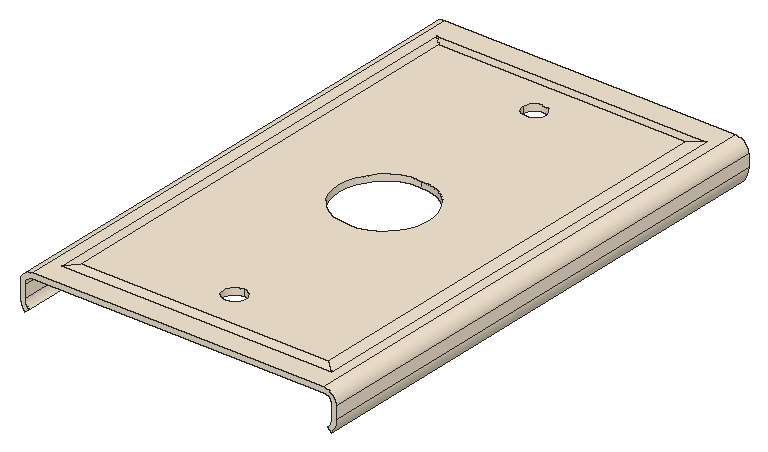
Revit family "Specialty_Equipment-Metal_Raceway-Hubbell_Wiring-Single_Receptacle_Cover-HBL3027AE", category Specialty Equipment, host Face, Revit 2015
Parameters
  URL = "http://www.hubbell-wiring.com/"
  Product data url = "https://bimobject.com/hubbellwiring/product/hubbell-metal-raceway-hbl3000"
  Product Page URL = "http://ecatalog.hubbell-wiring.com/ProductInformation/ViewCatalog.aspx?Dest=hubbell-wiring.com/press/catalog/r.pdf"
  Product Documentation Link = "http://www.hubbellcatalog.com/hubbellpremise/datasheets/MRaceway18-25.pdf"
  Model = "HBL3027AEIV"
  Manufacturer = "Hubbell Wiring Device Kellems"  # constant formula
  Host Note = "Add in Section View; Host to Wall"  # constant formula
  Description = "Single Receptacle Cover"  # constant formula
  Default Elevation = 48.00"
  Cable Tray Material = Metal-Hubbell-Ivory
  B = 2.75"
  Assembly Code = "D5090900"
  A = 4.50"
Types (3): name | Model | Cable Tray Material
  (no name) | "HBL3027AEIV" | Metal-Hubbell-Ivory
  HBL3027AEIV | "HBL3027AEIV" | Metal-Hubbell-Ivory
  HBL3027AEGY | "HBL3027AEGY" | Metal-Hubbell-Gray
Reference planes (in)
  plane 1 "Center (Front/Back)": y = 0
  plane 2: z = 0
  plane 3 "Center (Left/Right)": x = 0
  plane 4: z = 1.47
  plane 5: y = 2.25
  plane 6: y = -2.25
  plane 7: x = -1.375
  plane 8: x = 1.375
  plane 9: y = 1.625
  plane 10: y = -1.625
  plane 11: z = 1.53
Forms (in)
  Extrusion 1, solid, material "Metal-Hubbell-Ivory" <- "Cable Tray Material"
    sketch origin (0, 0, -5.0713) x (1, 0, 0) y (0, 0, 1)
      loop
        arc (-1.38844, 6.37039) -> (-1.37755, 6.31138) -> (-1.34633, 6.26014) r 0.16538
        line (-1.34633, 6.26014) -> (-1.31346, 6.28954)
        arc (-1.31346, 6.28954) -> (-1.33635, 6.32711) -> (-1.34434, 6.37039) r 0.12127
        line (-1.34434, 6.37039) -> (-1.34434, 6.48064)
        arc (-1.34434, 6.48064) -> (-1.32496, 6.52741) -> (-1.27819, 6.54679) r 0.06615
        line (-1.27819, 6.54679) -> (1.27069, 6.54679)
        arc (1.27069, 6.54679) -> (1.31746, 6.52741) -> (1.33684, 6.48064) r 0.06615
        line (1.33684, 6.48064) -> (1.33684, 6.37039)
        arc (1.33684, 6.37039) -> (1.32885, 6.32711) -> (1.30596, 6.28954) r 0.12127
        line (1.30596, 6.28954) -> (1.33883, 6.26014)
        arc (1.33883, 6.26014) -> (1.37005, 6.31138) -> (1.38094, 6.37039) r 0.16537
        line (1.38094, 6.37039) -> (1.38094, 6.48064)
        arc (1.38094, 6.48064) -> (1.34865, 6.5586) -> (1.27069, 6.59089) r 0.11025
        line (1.27069, 6.59089) -> (-1.27819, 6.59089)
        arc (-1.27819, 6.59089) -> (-1.35615, 6.5586) -> (-1.38844, 6.48064) r 0.11025
        line (-1.38844, 6.48064) -> (-1.38844, 6.37039)
    from -2.25 to 2.25
  Blend 2, solid, material "Metal-Hubbell-Ivory" <- "Cable Tray Material"
    base sketch origin (-1.78194, -180, 1.47836) x (-1, 0, 0) y (0, -1, 0)
      loop
        line (-0.5935, -182.05) -> (-0.5935, -177.95) -> (-2.95694, -177.95) -> (-2.95694, -182.05) -> (-0.5935, -182.05)
    top sketch origin (-1.78194, -180, 1.47836) x (-1, 0, 0) y (0, -1, 0)
      loop
        line (-2.85694, -181.95) -> (-0.6935, -181.95) -> (-0.6935, -178.05) -> (-2.85694, -178.05) -> (-2.85694, -181.95)
    from 0.04122 to 0.05164
  Extrusion 3, void, detail levels medium+fine
    sketch origin (-1.78194, -180, 1.47836) x (0, -1, 0) y (-1, 0, 0)
      loop
        circle (-181.64, -1.78194) r 0.1
      loop
        circle (-178.36, -1.78194) r 0.1
      loop
        circle (-180, -1.77819) r 0.4
    from -0.05164 to 0.00836
Cuts and joins
  Extrusion 3 cuts Extrusion 1
  Extrusion 3 cuts Blend 2
  joined: Extrusion 1, Blend 2
Lines and regions (in)
  symbolic lines
    curve 1: line (0, 2.25, 1.18883) -> (0, -2.25, 1.18883)
    curve 2: line (0, 2.25, 1.52236) -> (0, 2.25, 1.18883)
    curve 3: line (0, -2.25, 1.52236) -> (0, 2.25, 1.52236)
    curve 4: line (0, -2.25, 1.18883) -> (0, -2.25, 1.52236)
    curve 37: line (-1.38844, -2.25, 0) -> (1.375, -2.25, 0)
    curve 38: line (-1.38844, 2.25, 0) -> (-1.38844, -2.25, 0)
    curve 39: line (1.375, 2.25, 0) -> (-1.38844, 2.25, 0)
    curve 40: line (1.375, -2.25, 0) -> (1.375, 2.25, 0)
    curve 45: line (-1.27819, 0, 1.51958) -> (1.27069, 0, 1.51958)
    curve 46: arc (1.27069, 0, 1.51958) -> (1.34865, 0, 1.48729) -> (1.38094, 0, 1.40933) r 0.11025
    curve 47: line (1.38094, 0, 1.40933) -> (1.38094, 0, 1.29908)
    curve 48: arc (1.38094, 0, 1.29908) -> (1.37005, 0, 1.24008) -> (1.33883, 0, 1.18883) r 0.16537
    curve 49: line (1.33883, 0, 1.18883) -> (1.30596, 0, 1.21823)
    curve 50: arc (1.30596, 0, 1.21823) -> (1.32885, 0, 1.25581) -> (1.33684, 0, 1.29908) r 0.12127
    curve 51: line (1.33684, 0, 1.29908) -> (1.33684, 0, 1.40933)
    curve 52: arc (1.33684, 0, 1.40933) -> (1.31746, 0, 1.45611) -> (1.27069, 0, 1.47548) r 0.06615
    curve 53: line (1.27069, 0, 1.47548) -> (-1.27819, 0, 1.47548)
    curve 54: arc (-1.27819, 0, 1.47548) -> (-1.32496, 0, 1.45611) -> (-1.34434, 0, 1.40933) r 0.06615
    curve 55: line (-1.34434, 0, 1.40933) -> (-1.34434, 0, 1.29908)
    curve 56: arc (-1.34434, 0, 1.29908) -> (-1.33635, 0, 1.25581) -> (-1.31346, 0, 1.21823) r 0.12127
    curve 57: line (-1.31346, 0, 1.21823) -> (-1.34633, 0, 1.18883)
    curve 58: arc (-1.34633, 0, 1.18883) -> (-1.37755, 0, 1.24008) -> (-1.38844, 0, 1.29908) r 0.16538
    curve 59: line (-1.38844, 0, 1.29908) -> (-1.38844, 0, 1.40933)
    curve 60: arc (-1.38844, 0, 1.40933) -> (-1.35615, 0, 1.48729) -> (-1.27819, 0, 1.51958) r 0.11025
  reference lines
    curve 5: line (-1.34434, 0, 1.29908) -> (-1.34434, 0, 1.40933)
    curve 6: arc (-1.34434, 0, 1.40933) -> (-1.32496, 0, 1.45611) -> (-1.27819, 0, 1.47548) r 0.06615
    curve 7: line (-1.27819, 0, 1.47548) -> (1.27069, 0, 1.47548)
    curve 8: arc (1.27069, 0, 1.47548) -> (1.31746, 0, 1.45611) -> (1.33684, 0, 1.40933) r 0.06615
    curve 9: line (1.33684, 0, 1.40933) -> (1.33684, 0, 1.29908)
    curve 10: arc (1.33684, 0, 1.29908) -> (1.32885, 0, 1.25581) -> (1.30596, 0, 1.21823) r 0.12127
    curve 11: line (1.30596, 0, 1.21823) -> (1.33883, 0, 1.18883)
    curve 12: arc (1.33883, 0, 1.18883) -> (1.37005, 0, 1.24008) -> (1.38094, 0, 1.29908) r 0.16537
    curve 13: line (1.38094, 0, 1.29908) -> (1.38094, 0, 1.40933)
    curve 14: arc (1.38094, 0, 1.40933) -> (1.34865, 0, 1.48729) -> (1.27069, 0, 1.51958) r 0.11025
    curve 15: line (1.27069, 0, 1.51958) -> (-1.27819, 0, 1.51958)
    curve 16: arc (-1.27819, 0, 1.51958) -> (-1.35615, 0, 1.48729) -> (-1.38844, 0, 1.40933) r 0.11025
    curve 17: line (-1.38844, 0, 1.40933) -> (-1.38844, 0, 1.29908)
    curve 18: arc (-1.38844, 0, 1.29908) -> (-1.37755, 0, 1.24008) -> (-1.34633, 0, 1.18883) r 0.16538
    curve 19: line (-1.34633, 0, 1.18883) -> (-1.31346, 0, 1.21823)
    curve 20: arc (-1.31346, 0, 1.21823) -> (-1.33635, 0, 1.25581) -> (-1.34434, 0, 1.29908) r 0.12127
    curve 21: line (-1.34434, 0, 1.29908) -> (-1.34434, 0, 1.40933)
    curve 22: arc (-1.34434, 0, 1.40933) -> (-1.32496, 0, 1.45611) -> (-1.27819, 0, 1.47548) r 0.06615
    curve 23: line (-1.27819, 0, 1.47548) -> (1.27069, 0, 1.47548)
    curve 24: arc (1.27069, 0, 1.47548) -> (1.31746, 0, 1.45611) -> (1.33684, 0, 1.40933) r 0.06615
    curve 25: line (1.33684, 0, 1.40933) -> (1.33684, 0, 1.29908)
    curve 26: arc (1.33684, 0, 1.29908) -> (1.32885, 0, 1.25581) -> (1.30596, 0, 1.21823) r 0.12127
    curve 27: line (1.30596, 0, 1.21823) -> (1.33883, 0, 1.18883)
    curve 28: arc (1.33883, 0, 1.18883) -> (1.37005, 0, 1.24008) -> (1.38094, 0, 1.29908) r 0.16537
    curve 29: line (1.38094, 0, 1.29908) -> (1.38094, 0, 1.40933)
    curve 30: arc (1.38094, 0, 1.40933) -> (1.34865, 0, 1.48729) -> (1.27069, 0, 1.51958) r 0.11025
    curve 31: line (1.27069, 0, 1.51958) -> (-1.27819, 0, 1.51958)
    curve 32: arc (-1.27819, 0, 1.51958) -> (-1.35615, 0, 1.48729) -> (-1.38844, 0, 1.40933) r 0.11025
    curve 33: line (-1.38844, 0, 1.40933) -> (-1.38844, 0, 1.29908)
    curve 34: arc (-1.38844, 0, 1.29908) -> (-1.37755, 0, 1.24008) -> (-1.34633, 0, 1.18883) r 0.16538
    curve 35: line (-1.34633, 0, 1.18883) -> (-1.31346, 0, 1.21823)
    curve 36: arc (-1.31346, 0, 1.21823) -> (-1.33635, 0, 1.25581) -> (-1.34434, 0, 1.29908) r 0.12127
    curve 41: arc (0.1, 1.64, 1.47836) -> (0, 1.54, 1.47836) -> (-0.1, 1.64, 1.47836) r 0.1
    curve 42: arc (-0.1, 1.64, 1.47836) -> (0, 1.74, 1.47836) -> (0.1, 1.64, 1.47836) r 0.1
    curve 43: circle (0, -1.64, 1.47836) r 0.1 normal (0, 0, -1)
    curve 44: circle (-0.00375, 0, 1.47836) r 0.4 normal (0, 0, 1)
  symbolic lines, detail levels medium+fine
    curve 61: circle (-0.00375, 0, 1.47836) r 0.4 normal (0, 0, 1)
    curve 62: arc (0.1, 1.64, 1.47836) -> (0, 1.54, 1.47836) -> (-0.1, 1.64, 1.47836) r 0.1
    curve 63: arc (-0.1, 1.64, 1.47836) -> (0, 1.74, 1.47836) -> (0.1, 1.64, 1.47836) r 0.1
    curve 64: circle (0, -1.64, 1.47836) r 0.1 normal (0, 0, -1)
Dimensions and locks (in)
  equal spacing: plane 5, plane 1 "Center (Front/Back)", plane 6
  "A": plane 5 to plane 6
  "B": plane 7 to plane 8
  equal spacing: plane 9, plane 1 "Center (Front/Back)", plane 10, locked at 1.625 each
  plane 4 to host face = 1.47"
  equal spacing: plane 8, plane 3 "Center (Left/Right)", plane 7
  locked: cut or joined group of Extrusion 1, Blend 2, Extrusion 3 to Blend 2 sketch curve at 0.2
  locked: plane 6 to Blend 2 sketch curve at 0.2
  locked: curve 38 to Blend 2 sketch curve at 0.2
  curve 38 to Blend 2 sketch curve = 0.20"
  locked: var sketch to Blend 2 sketch curve at 0.1  (x3)
  locked: Blend 2 sketch curve to var sketch at 0.1
  locked: plane 11 to plane 4 at 0.06
  aligned and locked: plane 2 to host face
  aligned and locked: level to host face
  aligned and locked: Extrusion 1 to plane 6
  aligned and locked: plane 5 to Extrusion 1
  aligned and locked: curve 2 to Extrusion 1
  aligned and locked: curve 4 to Extrusion 1
  aligned and locked: Extrusion 1 sketch curve to curve 34
  aligned and locked: Extrusion 1 sketch curve to curve 32
  aligned and locked: Extrusion 1 sketch curve to curve 30
  aligned and locked: Extrusion 1 sketch curve to curve 28
  aligned and locked: Extrusion 1 sketch curve to curve 27
  aligned and locked: Extrusion 1 sketch curve to curve 26
  aligned and locked: Extrusion 1 sketch curve to curve 24
  aligned and locked: Extrusion 1 sketch curve to curve 22
  aligned and locked: Extrusion 1 sketch curve to curve 36
  aligned and locked: Extrusion 1 sketch curve to curve 35
  aligned and locked: curve 1 to Extrusion 1
  aligned and locked: curve 37 to Extrusion 1
  aligned and locked: curve 38 to Extrusion 1
  aligned and locked: plane 5 to curve 39
  aligned and locked: curve 40 to plane 8
  aligned and locked: Extrusion 3 sketch curve to curve 41
  aligned and locked: Extrusion 3 sketch curve to curve 42
  aligned and locked: Extrusion 3 sketch curve to curve 43
  aligned and locked: Extrusion 3 sketch curve to curve 44
  aligned and locked: Extrusion 3 to plane 4
  aligned and locked: curve 46 to cut or joined group of Extrusion 1, Blend 2, Extrusion 3
  aligned and locked: curve 48 to cut or joined group of Extrusion 1, Blend 2, Extrusion 3
  aligned and locked: curve 49 to cut or joined group of Extrusion 1, Blend 2, Extrusion 3
  aligned and locked: curve 50 to cut or joined group of Extrusion 1, Blend 2, Extrusion 3
  aligned and locked: curve 52 to cut or joined group of Extrusion 1, Blend 2, Extrusion 3
  aligned and locked: curve 54 to cut or joined group of Extrusion 1, Blend 2, Extrusion 3
  aligned and locked: curve 56 to cut or joined group of Extrusion 1, Blend 2, Extrusion 3
  aligned and locked: curve 57 to cut or joined group of Extrusion 1, Blend 2, Extrusion 3
  aligned and locked: curve 58 to cut or joined group of Extrusion 1, Blend 2, Extrusion 3
  aligned and locked: curve 60 to cut or joined group of Extrusion 1, Blend 2, Extrusion 3
  aligned and locked: Blend 2 to Extrusion 1
  aligned and locked: plane 11 to Blend 2
  aligned and locked: Blend 2 to Extrusion 3
  aligned and locked: curve 61 to curve 44
  aligned and locked: curve 62 to curve 41
  aligned and locked: curve 63 to curve 42
  aligned and locked: curve 64 to curve 43
Automatic sketch dimensions
  host sketch curve to host sketch curve = 96.00"  (x2)
  plane 4 to curve 3 = 0.05236"
  curve 6 to curve 16 = 0.00"  (x2)
  curve 6 to curve 22 = 0.00"  (x2)
  curve 6 to curve 32 = 0.00"  (x2)
  curve 8 to curve 14 = 0.00"  (x2)
  curve 8 to curve 24 = 0.00"  (x2)
  curve 8 to curve 30 = 0.00"  (x2)
  curve 10 to curve 12 = 0.00"  (x2)
  curve 10 to curve 26 = 0.00"  (x2)
  curve 10 to curve 28 = 0.00"  (x2)
  curve 12 to curve 26 = 0.00"  (x2)
  curve 12 to curve 28 = 0.00"  (x2)
  curve 14 to curve 24 = 0.00"  (x2)
  curve 14 to curve 30 = 0.00"  (x2)
  curve 16 to curve 22 = 0.00"  (x2)
  curve 16 to curve 32 = 0.00"  (x2)
  curve 18 to curve 20 = 0.00"  (x2)
  curve 18 to curve 34 = 0.00"  (x2)
  curve 18 to curve 36 = 0.00"  (x2)
  curve 20 to curve 34 = 0.00"  (x2)
  curve 20 to curve 36 = 0.00"  (x2)
  curve 22 to curve 32 = 0.00"  (x2)
  curve 24 to curve 30 = 0.00"  (x2)
  curve 26 to curve 28 = 0.00"  (x2)
  curve 34 to curve 36 = 0.00"  (x2)
  curve 16 to plane 7 = 0.01344"
  plane 7 to curve 34 = 0.02867"
  plane 7 to curve 21 = 0.03066"
  curve 19 to curve 36 = 0.03287"
  plane 4 to curve 7 = 0.00548"
  curve 5 to curve 7 = 0.06615"
  curve 19 to curve 20 = 0.09039"
  plane 8 to curve 26 = 0.15944"
  curve 30 to plane 4 = 0.06067"
  plane 8 to curve 30 = 0.10431"
  plane 8 to curve 26 = 0.06904"
  plane 8 to curve 12 = 0.03617"
  curve 36 to curve 22 = 0.11025"
  curve 10 to curve 8 = 0.11025"
  plane 8 to Blend 2 sketch curve = 0.20"
  curve 42 to plane 3 "Center (Left/Right)" = 0.00"
  curve 43 to plane 3 "Center (Left/Right)" = 0.00"
  plane 1 "Center (Front/Back)" to curve 44 = 0.00"
  plane 9 to curve 42 = 0.015"
  plane 3 "Center (Left/Right)" to curve 42 = 0.10"
  curve 44 to plane 3 "Center (Left/Right)" = 0.00375"
  curve 43 to plane 10 = 0.015"
  radius of curve 43 = 0.10"
  radius of curve 44 = 0.40"
